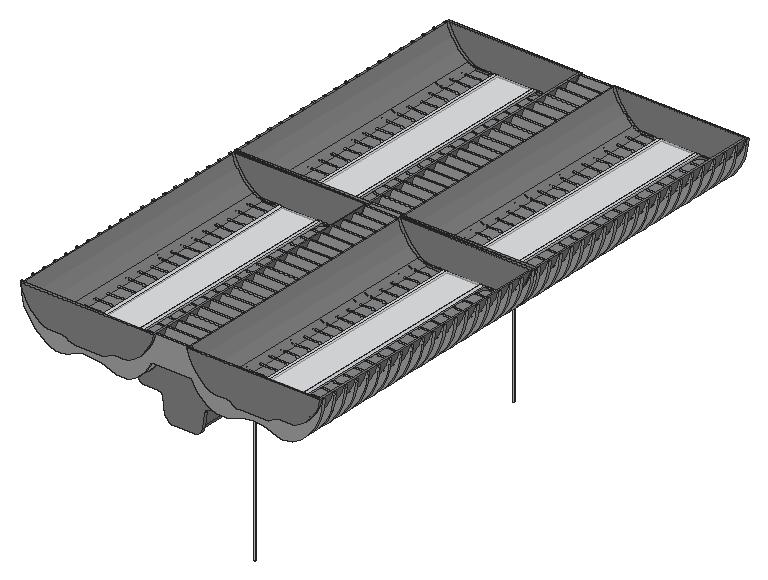
Revit family "0039264 Feilo Sylvania Lighting Fixtures SYLBAY LED 4000K 26KLM WIDE DALI", category Lighting Fixtures, host Face, Revit 2017 (continued)
Definition of nested family "SylbayBody"
  Definition of nested family "SlybayRib"
    Forms (mm)
      Extrusion 2, solid, material <- "BodyMaterial"
        sketch origin (0, 0, 0) x (1, 0, 0) y (0, 0, 1)
          loop
            arc (-117.917, -43.728) -> (-121.079, -43.215) -> (-123.917, -41.728) r 10
            line (-123.917, -41.728) -> (-126.583, -39.728)
            arc (-126.583, -39.728) -> (-129.421, -38.242) -> (-132.583, -37.728) r 10
            line (-132.583, -37.728) -> (-145.75, -37.728)
            arc (-145.75, -37.728) -> (-153.193, -36.71) -> (-160.088, -33.728) r 27.697
            arc (-160.088, -33.728) -> (-176.046, -19.314) -> (-185.5, 0) r 56.788
            line (-185.5, 0) -> (-187.5, 0)
        from 1.25 <- "RibExtrusionStart_FEILO" to -1.25 <- "RibExtrusionEnd_FEILO"
    Dimensions and locks
      equal spacing: plane 5, plane 3 "Center (Left/Right)", plane 4
      locked: plane 5 to plane 4 at 375
      locked: plane 6 to plane 7 at 62.478
      locked: plane 6 to plane 8 at 53.728
      equal spacing: plane 10, plane 3 "Center (Left/Right)", plane 9
      plane 3 "Center (Left/Right)" to plane 9 = 102.75 mm
      locked: plane 6 to plane 11 at 33.728
      equal spacing: plane 13, plane 9, plane 12
      locked: plane 14 to plane 8 at 10
      equal spacing: plane 16, plane 9, plane 15
      locked: plane 9 to plane 15 at 20
      locked: plane 17 to plane 14 at 6
      equal spacing: plane 19, plane 9, plane 18
      locked: plane 15 to plane 18 at 8
      equal spacing: plane 21, plane 9, plane 20
      locked: plane 18 to plane 20 at 15
      locked: plane 13 to plane 22 at 5.3
      locked: plane 3 "Center (Left/Right)" to Extrusion 2 sketch curve at 83.982  (x2)
      locked: plane 3 "Center (Left/Right)" to Extrusion 2 sketch curve at 79.005  (x2)
      locked: plane 3 "Center (Left/Right)" to Extrusion 2 sketch curve at 119.907  (x2)
      locked: plane 3 "Center (Left/Right)" to Extrusion 2 sketch curve at 61.405  (x2)
      locked: plane 3 "Center (Left/Right)" to Extrusion 2 sketch curve at 138.973  (x2)
      locked: plane 3 "Center (Left/Right)" to Extrusion 2 sketch curve at 84.583  (x2)
      locked: plane 3 "Center (Left/Right)" to Extrusion 2 sketch curve at 117.917  (x2)
      locked: plane 3 "Center (Left/Right)" to Extrusion 2 sketch curve at 132.583  (x2)
      locked: plane 3 "Center (Left/Right)" to Extrusion 2 sketch curve at 69.917  (x2)
      locked: Extrusion 2 sketch curve to plane 6 at 21.825  (x2)
      locked: Extrusion 2 sketch curve to plane 6 at 0.822  (x2)
      locked: plane 6 to Extrusion 2 sketch curve at 10.994  (x2)
      locked: plane 6 to Extrusion 2 sketch curve at 15.285  (x2)
      locked: plane 6 to Extrusion 2 sketch curve at 31.076  (x2)
      locked: plane 6 to Extrusion 2 sketch curve at 33.728  (x4)
      locked: plane 6 to Extrusion 2 sketch curve at 29.917  (x2)
      locked: plane 6 to Extrusion 2 sketch curve at 47.728  (x4)
      locked: plane 6 to Extrusion 2 sketch curve at 100.413  (x2)
      locked: plane 6 to Extrusion 2 sketch curve at 141.419  (x2)
      locked: plane 3 "Center (Left/Right)" to Extrusion 2 sketch curve at 106.788  (x2)
      locked: plane 3 "Center (Left/Right)" to Extrusion 2 sketch curve at 104.198  (x2)
      locked: plane 3 "Center (Left/Right)" to Extrusion 2 sketch curve at 130.69  (x2)
      locked: Extrusion 2 sketch curve to plane 6 at 14.858  (x2)
      locked: plane 6 to Extrusion 2 sketch curve at 10.032  (x2)
      locked: plane 3 "Center (Left/Right)" to Extrusion 2 sketch curve at 145.75  (x2)
      aligned and locked: plane 2 to Extrusion 1
      aligned and locked: level to Extrusion 1
      aligned and locked: plane 6 to Extrusion 2 sketch curve
      aligned and locked: plane 4 to Extrusion 2 sketch curve
      aligned and locked: plane 17 to Extrusion 2 sketch curve
      aligned and locked: plane 14 to Extrusion 2 sketch curve
      aligned and locked: Extrusion 2 sketch curve to plane 17
      aligned and locked: plane 8 to Extrusion 2 sketch curve  (x3)
      aligned and locked: plane 2 to plane 6
      aligned and locked: plane 20 to Extrusion 2 sketch curve
      aligned and locked: plane 11 to Extrusion 2 sketch curve  (x2)
      aligned and locked: plane 12 to Extrusion 2 sketch curve
      aligned and locked: Extrusion 2 sketch curve to plane 6
      aligned and locked: Extrusion 2 sketch curve to level
      aligned and locked: Extrusion 2 sketch curve to plane 11
    Automatic sketch dimensions
      Extrusion 1 sketch curve to Extrusion 1 sketch curve = 2438.4 mm  (x2)
      Extrusion 2 sketch curve to plane 11 = 0 mm  (x6)
      Extrusion 2 sketch curve to plane 8 = 0 mm  (x7)
      Extrusion 2 sketch curve to plane 17 = 0 mm
      Extrusion 2 sketch curve to plane 5 = 0 mm
      Extrusion 2 sketch curve to plane 14 = 0 mm
      Extrusion 2 sketch curve to plane 17 = 2 mm  (x3)
      Extrusion 2 sketch curve to plane 15 = 1.167 mm
      plane 14 to Extrusion 2 sketch curve = 2 mm  (x3)
      Extrusion 2 sketch curve to plane 19 = 1.167 mm
Definition of nested family "SlybayRib"
  Parameters (values of type "SylbayRib")
    URL = "http://www.feilosylvania.com"
    Type Image = (empty or 0)
    Type Comments = "n/a"
    RibThickness_FEILO = 2.5 mm
    RibExtrusionStart_FEILO = RibThickness_FEILO / 2  # 1.25 mm
    RibExtrusionEnd_FEILO = -RibThickness_FEILO / 2  # -1.25 mm
    RibDistance_FEILO = 0 mm
    Model = ""
    Manufacturer = "Feilo Sylvania"
    Keynote = ""
    Description = "n/a"
    Default Elevation = 1219.2 mm
    Cost = 0
    BodyMaterial = none
    Assembly Code = ""
  Reference planes
    plane 1 "Center (Front/Back)": y = 0
    plane 2: z = 0
    plane 3 "Center (Left/Right)": x = 0
    plane 4: x = -187.5
    plane 5: x = 187.5
    plane 6: z = 0
    plane 7: z = -62.478
    plane 8: z = -53.728
    plane 9: x = -102.75
    plane 10: x = 102.75
    plane 11: z = -33.728
    plane 12: x = -185.5
    plane 13: x = -20
    plane 14: z = -43.728
    plane 15: x = -122.75
    plane 16: x = -82.75
    plane 17: z = -37.728
    plane 18: x = -130.75
    plane 19: x = -74.75
    plane 20: x = -145.75
    plane 21: x = -59.75
    plane 22: x = -25.3
  Forms (mm)
    Extrusion 1, solid
      sketch origin (4.2, 0, 0) x (1, 0, 0) y (0, 1, 0)
        loop
          line (-1219.2, 1219.2) -> (-1219.2, -1219.2) -> (1219.2, -1219.2) -> (1219.2, 1219.2) -> (-1219.2, 1219.2)
      from 0 to -304.8
    Extrusion 2, solid, material <- "BodyMaterial"
      sketch origin (0, 0, 0) x (1, 0, 0) y (0, 0, 1)
        loop
          arc (-187.5, 0) -> (-180.003, -30.129) -> (-159.829, -53.728) r 67.598
          arc (-159.829, -53.728) -> (-143.258, -61.567) -> (-125.169, -58.599) r 30.791
          arc (-125.169, -58.599) -> (-113.533, -54.576) -> (-101.25, -53.728) r 46.777
          arc (-101.25, -53.728) -> (-87.202, -55.765) -> (-73.664, -60.037) r 87.865
          arc (-73.664, -60.037) -> (-55.541, -61.903) -> (-39.258, -53.728) r 32.519
          arc (-39.258, -53.728) -> (-31.199, -44.469) -> (-25.254, -33.728) r 58.361
          line (-25.254, -33.728) -> (25.254, -33.728)
          arc (25.254, -33.728) -> (31.199, -44.469) -> (39.258, -53.728) r 58.361
          arc (39.258, -53.728) -> (55.541, -61.903) -> (73.664, -60.037) r 32.519
          arc (73.664, -60.037) -> (87.202, -55.765) -> (101.25, -53.728) r 87.865
          arc (101.25, -53.728) -> (113.533, -54.576) -> (125.169, -58.599) r 46.777
          arc (125.169, -58.599) -> (143.258, -61.567) -> (159.829, -53.728) r 30.791
          arc (159.829, -53.728) -> (180.003, -30.129) -> (187.5, 0) r 67.598
          line (187.5, 0) -> (185.5, 0)
          arc (185.5, 0) -> (176.046, -19.314) -> (160.088, -33.728) r 56.788
          arc (160.088, -33.728) -> (153.193, -36.71) -> (145.75, -37.728) r 27.697
          line (145.75, -37.728) -> (132.583, -37.728)
          arc (132.583, -37.728) -> (129.421, -38.242) -> (126.583, -39.728) r 10
          line (126.583, -39.728) -> (123.917, -41.728)
          arc (123.917, -41.728) -> (121.079, -43.215) -> (117.917, -43.728) r 10
          line (117.917, -43.728) -> (84.583, -43.728)
          arc (84.583, -43.728) -> (81.421, -43.215) -> (78.583, -41.728) r 10
          line (78.583, -41.728) -> (75.917, -39.728)
          arc (75.917, -39.728) -> (73.079, -38.242) -> (69.917, -37.728) r 10
          line (69.917, -37.728) -> (58.25, -37.728)
          arc (58.25, -37.728) -> (51.55, -36.705) -> (45.461, -33.728) r 22.443
          arc (45.461, -33.728) -> (30.027, -18.905) -> (20, 0) r 67.602
          line (20, 0) -> (-20, 0)
          arc (-20, 0) -> (-30.027, -18.905) -> (-45.461, -33.728) r 67.602
          arc (-45.461, -33.728) -> (-51.55, -36.705) -> (-58.25, -37.728) r 22.443
          line (-58.25, -37.728) -> (-69.917, -37.728)
          arc (-69.917, -37.728) -> (-73.079, -38.242) -> (-75.917, -39.728) r 10
          line (-75.917, -39.728) -> (-78.583, -41.728)
          arc (-78.583, -41.728) -> (-81.421, -43.215) -> (-84.583, -43.728) r 10
          line (-84.583, -43.728) -> (-117.917, -43.728)
          arc (-117.917, -43.728) -> (-121.079, -43.215) -> (-123.917, -41.728) r 10
          line (-123.917, -41.728) -> (-126.583, -39.728)
          arc (-126.583, -39.728) -> (-129.421, -38.242) -> (-132.583, -37.728) r 10
          line (-132.583, -37.728) -> (-145.75, -37.728)
          arc (-145.75, -37.728) -> (-153.193, -36.71) -> (-160.088, -33.728) r 27.697
          arc (-160.088, -33.728) -> (-176.046, -19.314) -> (-185.5, 0) r 56.788
          line (-185.5, 0) -> (-187.5, 0)
      from 1.25 <- "RibExtrusionStart_FEILO" to -1.25 <- "RibExtrusionEnd_FEILO"
  Dimensions and locks
    equal spacing: plane 5, plane 3 "Center (Left/Right)", plane 4
    locked: plane 5 to plane 4 at 375
    locked: plane 6 to plane 7 at 62.478
    locked: plane 6 to plane 8 at 53.728
    equal spacing: plane 10, plane 3 "Center (Left/Right)", plane 9
    plane 3 "Center (Left/Right)" to plane 9 = 102.75 mm
    locked: plane 6 to plane 11 at 33.728
    equal spacing: plane 13, plane 9, plane 12
    locked: plane 14 to plane 8 at 10
    equal spacing: plane 16, plane 9, plane 15
    locked: plane 9 to plane 15 at 20
    locked: plane 17 to plane 14 at 6
    equal spacing: plane 19, plane 9, plane 18
    locked: plane 15 to plane 18 at 8
    equal spacing: plane 21, plane 9, plane 20
    locked: plane 18 to plane 20 at 15
    locked: plane 13 to plane 22 at 5.3
    locked: plane 3 "Center (Left/Right)" to Extrusion 2 sketch curve at 83.982  (x2)
    locked: plane 3 "Center (Left/Right)" to Extrusion 2 sketch curve at 79.005  (x2)
    locked: plane 3 "Center (Left/Right)" to Extrusion 2 sketch curve at 119.907  (x2)
    locked: plane 3 "Center (Left/Right)" to Extrusion 2 sketch curve at 61.405  (x2)
    locked: plane 3 "Center (Left/Right)" to Extrusion 2 sketch curve at 138.973  (x2)
    locked: plane 3 "Center (Left/Right)" to Extrusion 2 sketch curve at 84.583  (x2)
    locked: plane 3 "Center (Left/Right)" to Extrusion 2 sketch curve at 117.917  (x2)
    locked: plane 3 "Center (Left/Right)" to Extrusion 2 sketch curve at 132.583  (x2)
    locked: plane 3 "Center (Left/Right)" to Extrusion 2 sketch curve at 69.917  (x2)
    locked: Extrusion 2 sketch curve to plane 6 at 21.825  (x2)
    locked: Extrusion 2 sketch curve to plane 6 at 0.822  (x2)
    locked: plane 6 to Extrusion 2 sketch curve at 10.994  (x2)
    locked: plane 6 to Extrusion 2 sketch curve at 15.285  (x2)
    locked: plane 6 to Extrusion 2 sketch curve at 31.076  (x2)
    locked: plane 6 to Extrusion 2 sketch curve at 33.728  (x4)
    locked: plane 6 to Extrusion 2 sketch curve at 29.917  (x2)
    locked: plane 6 to Extrusion 2 sketch curve at 47.728  (x4)
    locked: plane 6 to Extrusion 2 sketch curve at 100.413  (x2)
    locked: plane 6 to Extrusion 2 sketch curve at 141.419  (x2)
    locked: plane 3 "Center (Left/Right)" to Extrusion 2 sketch curve at 106.788  (x2)
    locked: plane 3 "Center (Left/Right)" to Extrusion 2 sketch curve at 104.198  (x2)
    locked: plane 3 "Center (Left/Right)" to Extrusion 2 sketch curve at 130.69  (x2)
    locked: Extrusion 2 sketch curve to plane 6 at 14.858  (x2)
    locked: plane 6 to Extrusion 2 sketch curve at 10.032  (x2)
    locked: plane 3 "Center (Left/Right)" to Extrusion 2 sketch curve at 145.75  (x2)
    aligned and locked: plane 2 to Extrusion 1
    aligned and locked: level to Extrusion 1
    aligned and locked: plane 6 to Extrusion 2 sketch curve
    aligned and locked: plane 4 to Extrusion 2 sketch curve
    aligned and locked: plane 17 to Extrusion 2 sketch curve
    aligned and locked: plane 14 to Extrusion 2 sketch curve
    aligned and locked: Extrusion 2 sketch curve to plane 17
    aligned and locked: plane 8 to Extrusion 2 sketch curve  (x3)
    aligned and locked: plane 2 to plane 6
    aligned and locked: plane 20 to Extrusion 2 sketch curve
    aligned and locked: plane 11 to Extrusion 2 sketch curve  (x2)
    aligned and locked: plane 12 to Extrusion 2 sketch curve
    aligned and locked: Extrusion 2 sketch curve to plane 6
    aligned and locked: Extrusion 2 sketch curve to level
    aligned and locked: Extrusion 2 sketch curve to plane 11
  Automatic sketch dimensions
    Extrusion 1 sketch curve to Extrusion 1 sketch curve = 2438.4 mm  (x2)
    Extrusion 2 sketch curve to plane 11 = 0 mm  (x6)
    Extrusion 2 sketch curve to plane 8 = 0 mm  (x7)
    Extrusion 2 sketch curve to plane 17 = 0 mm
    Extrusion 2 sketch curve to plane 5 = 0 mm
    Extrusion 2 sketch curve to plane 14 = 0 mm
    Extrusion 2 sketch curve to plane 17 = 2 mm  (x3)
    Extrusion 2 sketch curve to plane 15 = 1.167 mm
    plane 14 to Extrusion 2 sketch curve = 2 mm  (x3)
    Extrusion 2 sketch curve to plane 19 = 1.167 mm
